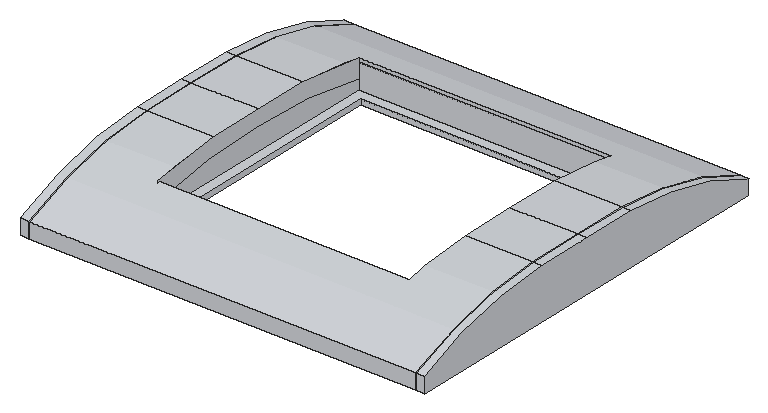
Revit family "Gira_0211723", category Electrical Fixtures, host Face, Revit 2017
Family settings
  Host = Face
  Maintain Annotation Orientation = No
  Round Connector Dimension = Use Diameter
  Part Type = Normal
  Cut with Voids When Loaded = No
  Shared = No
  Room Calculation Point = No
Parameters (values of type "Cov.fr. 1-g interm.fr. PW Gira Event Clear white")
  URL = "http://katalog.gira.de/en/datenblatt.html?artikelnr=0211723"
  Transparent = "No"
  Name = "Cov.fr. 1-g interm.fr. PW Gira Event Clear white"
  Manufacturer URL = "https://www.gira.de/"
  Manufacturer = "Gira"
  Label space/information surface = "No"
  Keynote = ""
  HeinzeBIM = "https://bimportal.heinze.de/bim/cov-fr-1-g-interm-fr-pw-gira-event-clear-white/cc421ea75922507c5d23163375de311fd724a2b3"
  HAN = "0211723"
  GTIN = "4010337068655"
  Description = "Cov.fr.1g i.fr.WH EvCl WH,Gira Event Clear cover frame,white with pure white glossy intermediate frame,1-gang,Features:,- Shatter-proof."
  Default Elevation = 1219.2 mm
  Data sheet (1) = "https://katalog.gira.de/en/download.html?artikelnr=0211723"
  Category = "Cover frame for domestic switching devices"
  BIM (1) = "https://media.stage.bim.site/public/gira/36a6b08/Event_Rahmen_1fach.rfa"
  Available = "No"
Reference planes
  plane 1 "Center (Front/Back)": y = 0
  plane 2: z = 0
  plane 3 "Center (Left/Right)": x = 0
Forms (mm)
  Extrusion 1, solid, detail levels fine
    sketch origin (0, 0, 1.55) x (0, 1, 0) y (0, 0, 1)
      loop
        arc (12.445, 9.683) -> (6.223, 9.833) -> (0, 9.85) r 291.636
        arc (0, 9.85) -> (-6.223, 9.833) -> (-12.445, 9.683) r 291.636
        arc (-12.445, 9.683) -> (-29.14, 7.482) -> (-45, 1.823) r 79.728
        line (-45, 1.823) -> (-45, -1.55) -> (-41.777, -1.55) -> (-41.777, -0.55)
        arc (-41.777, -0.55) -> (-21.205, 4.846) -> (0, 6.467) r 118.15
        arc (0, 6.467) -> (21.205, 4.846) -> (41.777, -0.55) r 118.15
        line (41.777, -0.55) -> (41.777, -1.55) -> (45, -1.55) -> (45, 1.823)
        arc (45, 1.823) -> (29.14, 7.482) -> (12.445, 9.683) r 79.728
    from -43 to 43
  Extrusion 2, void, detail levels fine
    sketch origin (0, 0, 0) x (1, 0, 0) y (0, 1, 0)
      loop
        line (-28, -28) -> (28, -28) -> (28, 28) -> (-28, 28) -> (-28, -28)
    from 2.85 to 12
  Extrusion 3, solid, detail levels coarse
    sketch origin (0, 0, 0) x (1, 0, 0) y (0, 1, 0)
      loop
        line (-45, 45) -> (-45, -45) -> (45, -45) -> (45, 45) -> (-45, 45)
    from 0 to 11.4
  Extrusion 4, solid, detail levels medium
    sketch origin (0, 0, 1.55) x (0, 1, 0) y (0, 0, 1)
      loop
        arc (12.445, 9.683) -> (6.223, 9.833) -> (0, 9.85) r 291.636
        arc (0, 9.85) -> (-6.223, 9.833) -> (-12.445, 9.683) r 291.636
        arc (-12.445, 9.683) -> (-29.14, 7.482) -> (-45, 1.823) r 79.728
        line (-45, 1.823) -> (-45, -1.55) -> (45, -1.55) -> (45, 1.823)
        arc (45, 1.823) -> (29.14, 7.482) -> (12.445, 9.683) r 79.728
    from -45 to 45
  Extrusion 5, solid, detail levels fine
    sketch origin (0, 0, 0) x (0, 1, 0) y (0, 0, 1)
      loop
        arc (45, 3.373) -> (29.14, 9.032) -> (12.445, 11.233) r 79.728
        arc (12.445, 11.233) -> (6.223, 11.383) -> (0, 11.4) r 291.636
        arc (0, 11.4) -> (-6.223, 11.383) -> (-12.445, 11.233) r 291.636
        arc (-12.445, 11.233) -> (-29.14, 9.032) -> (-45, 3.373) r 79.728
        line (-45, 3.373) -> (-45, 0) -> (45, 0) -> (45, 3.373)
    from 43 to 45
  Extrusion 6, solid, detail levels fine
    sketch origin (0, 0, 0) x (0, 1, 0) y (0, 0, -1)
      loop
        line (45, -3.373) -> (45, 0) -> (-45, 0) -> (-45, -3.373)
        arc (-45, -3.373) -> (-29.14, -9.032) -> (-12.445, -11.233) r 79.728
        arc (-12.445, -11.233) -> (-6.223, -11.383) -> (0, -11.4) r 291.636
        arc (0, -11.4) -> (6.223, -11.383) -> (12.445, -11.233) r 291.636
        arc (12.445, -11.233) -> (29.14, -9.032) -> (45, -3.373) r 79.728
    from 43 to 45
  Extrusion 7, solid, detail levels fine
    sketch origin (0, 0, 0) x (1, 0, 0) y (0, 1, 0)
      loop
        line (-25.7, 25.7) -> (-25.7, -25.7) -> (25.7, -25.7) -> (25.7, 25.7) -> (-25.7, 25.7)
      loop
        line (-29.495, 27.895) -> (-29.495, -27.895)
        spline (-29.495, -27.895) -> (-29.486, -28.025) -> (-29.461, -28.154) -> (-29.419, -28.278) -> (-29.361, -28.395) -> (-29.288, -28.504) -> (-29.202, -28.602) -> (-29.104, -28.688) -> (-28.995, -28.761) -> (-28.878, -28.819) -> (-28.754, -28.861) -> (-28.625, -28.886) -> (-28.495, -28.895)
        line (-28.495, -28.895) -> (28.495, -28.895)
        spline (28.495, -28.895) -> (28.625, -28.886) -> (28.754, -28.861) -> (28.878, -28.819) -> (28.995, -28.761) -> (29.104, -28.688) -> (29.202, -28.602) -> (29.288, -28.504) -> (29.361, -28.395) -> (29.419, -28.278) -> (29.461, -28.154) -> (29.486, -28.025) -> (29.495, -27.895)
        line (29.495, -27.895) -> (29.495, 27.895)
        spline (29.495, 27.895) -> (29.486, 28.025) -> (29.461, 28.154) -> (29.419, 28.278) -> (29.361, 28.395) -> (29.288, 28.504) -> (29.202, 28.602) -> (29.104, 28.688) -> (28.995, 28.761) -> (28.878, 28.819) -> (28.754, 28.861) -> (28.625, 28.886) -> (28.495, 28.895)
        line (28.495, 28.895) -> (-28.495, 28.895)
        spline (-28.495, 28.895) -> (-28.625, 28.886) -> (-28.754, 28.861) -> (-28.878, 28.819) -> (-28.995, 28.761) -> (-29.104, 28.688) -> (-29.202, 28.602) -> (-29.288, 28.504) -> (-29.361, 28.395) -> (-29.419, 28.278) -> (-29.461, 28.154) -> (-29.486, 28.025) -> (-29.495, 27.895)
    from 1.673 to 8.5
Cuts and joins
  Extrusion 2 cuts Extrusion 1
  Extrusion 2 cuts Extrusion 7
Dimensions and locks
  aligned and locked: plane 2 to host face
  aligned and locked: level to host face
